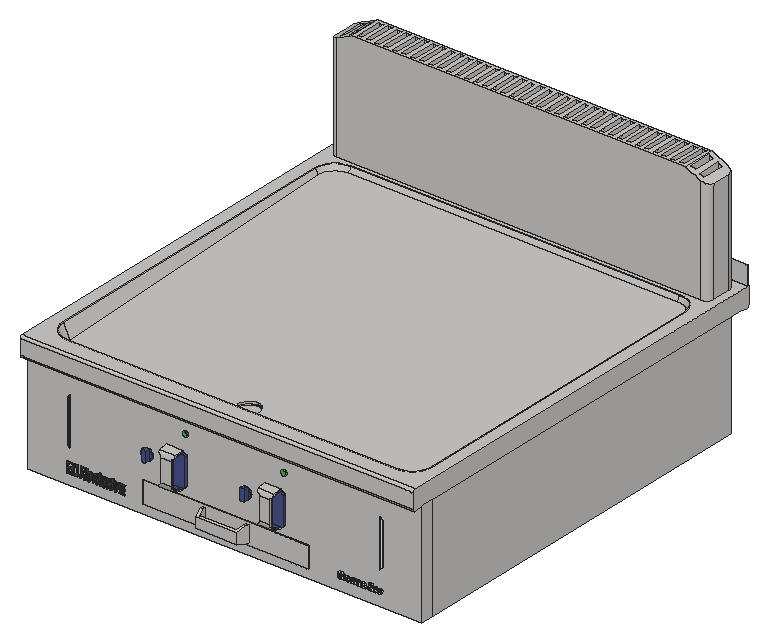
Revit family "QF_ELECTROLUXPROFESSIONAL_588533_MBHMBBHOPO", category Attrezzature speciali, Revit 2020 (continued)
Definition of nested family "Front_Panel_W800_Two Knobs_2Spie_Manop"
  Definition of nested family "ELX_ThermaLine_Small"
    Parameters
      Show Logo [instance] = yes
      Material_Logo [instance] = none
      Default Elevation = 0 mm
    Reference planes
      plane 1 "Centro (Fronte/Retro)": y = 0
      plane 2: z = 0
      plane 3 "Centro (Sinistra/Destra)": x = 0
    Forms (mm)
      Extrusion 1, solid
        sketch origin (0, 0, 0) x (1, 0, 0) y (0, 1, 0)
          loop
            line (-1219.2, 1219.2) -> (-1219.2, -1219.2) -> (1219.2, -1219.2) -> (1219.2, 1219.2) -> (-1219.2, 1219.2)
        from 0 to -304.8
      Extrusion 2, solid
        sketch origin (0, 0, 0) x (1, 0, 0) y (0, 1, 0)
          loop
            line (-37.494, 1.229) -> (-35.908, 1.229) -> (-35.908, 3.066) -> (-37.494, 3.066) -> (-37.494, 6.221) -> (-39.867, 4.881) -> (-39.867, 3.066) -> (-40.969, 3.066) -> (-40.969, 1.229) -> (-39.867, 1.229) -> (-39.867, -3.407)
            arc (-39.867, -3.407) -> (-38.982, -5.513) -> (-36.751, -6.001) r 2.478
            line (-36.751, -6.001) -> (-35.638, -5.7) -> (-35.9, -3.835) -> (-36.661, -4.039)
            arc (-36.661, -4.039) -> (-37.236, -3.924) -> (-37.494, -3.399) r 0.662
            line (-37.494, -3.399) -> (-37.494, 1.229)
          loop
            line (-34.242, 6.539) -> (-34.242, -5.848) -> (-31.854, -5.848) -> (-31.854, -0.078)
            arc (-31.854, -0.078) -> (-30.939, 1.249) -> (-29.33, 1.367) r 1.866
            arc (-29.33, 1.367) -> (-28.695, 0.768) -> (-28.461, -0.073) r 1.627
            line (-28.461, -0.073) -> (-28.461, -5.848) -> (-26.086, -5.848) -> (-26.064, -0.46)
            arc (-26.064, -0.46) -> (-26.261, 0.932) -> (-26.786, 2.237) r 5.825
            arc (-26.786, 2.237) -> (-29.381, 3.264) -> (-31.854, 1.971) r 3.353
            line (-31.854, 1.971) -> (-31.854, 6.539) -> (-34.242, 6.539)
          loop
            arc (-18.398, -0.598) -> (-18.893, 0.879) -> (-20.326, 1.487) r 1.897
            arc (-20.326, 1.487) -> (-21.461, 0.708) -> (-21.897, -0.598) r 2.164
            line (-21.897, -0.598) -> (-18.398, -0.598)
          loop
            arc (-16.021, -2.044) -> (-16.754, 1.227) -> (-19.444, 3.226) r 4.814
            arc (-19.444, 3.226) -> (-22.137, 2.788) -> (-23.943, 0.743) r 4.054
            arc (-23.943, 0.743) -> (-24.382, -1.249) -> (-24.162, -3.276) r 6.289
            arc (-24.162, -3.276) -> (-23.302, -4.71) -> (-21.958, -5.705) r 4.28
            arc (-21.958, -5.705) -> (-18.558, -5.814) -> (-16.152, -3.409) r 4.28
            line (-16.152, -3.409) -> (-18.5, -2.995)
            arc (-18.5, -2.995) -> (-19.273, -3.994) -> (-20.533, -4.076) r 1.536
            arc (-20.533, -4.076) -> (-21.56, -3.281) -> (-21.958, -2.044) r 2.197
            line (-21.958, -2.044) -> (-16.021, -2.044)
          loop
            line (-14.165, -5.848) -> (-11.819, -5.848) -> (-11.819, -2.138)
            arc (-11.819, -2.138) -> (-11.787, -1.156) -> (-11.637, -0.185) r 8.18
            arc (-11.637, -0.185) -> (-10.644, 0.972) -> (-9.132, 0.776) r 1.603
            line (-9.132, 0.776) -> (-8.419, 2.846)
            arc (-8.419, 2.846) -> (-10.432, 3.118) -> (-11.994, 1.821) r 2.527
            line (-11.994, 1.821) -> (-11.994, 3.094) -> (-14.165, 3.094) -> (-14.165, -5.848)
          loop
            line (-7.579, 3.094) -> (-7.579, -5.848) -> (-5.178, -5.848) -> (-5.178, -0.756)
            arc (-5.178, -0.756) -> (-4.727, 0.679) -> (-3.417, 1.419) r 2.05
            arc (-3.417, 1.419) -> (-2.499, 0.908) -> (-2.155, -0.085) r 1.471
            line (-2.155, -0.085) -> (-2.155, -5.848) -> (0.23, -5.848) -> (0.23, -1.001)
            arc (0.23, -1.001) -> (0.47, 0.127) -> (1.148, 1.061) r 2.775
            arc (1.148, 1.061) -> (2.225, 1.329) -> (3.05, 0.587) r 1.182
            arc (3.05, 0.587) -> (3.199, -0.019) -> (3.214, -0.642) r 2.894
            line (3.214, -0.642) -> (3.214, -5.848) -> (5.601, -5.848) -> (5.601, 0.261)
            arc (5.601, 0.261) -> (4.87, 2.263) -> (2.976, 3.241) r 2.932
            arc (2.976, 3.241) -> (1.284, 2.973) -> (-0.047, 1.896) r 3.309
            arc (-0.047, 1.896) -> (-1.116, 2.865) -> (-2.506, 3.258) r 3.16
            arc (-2.506, 3.258) -> (-4.105, 2.942) -> (-5.376, 1.92) r 3.419
            line (-5.376, 1.92) -> (-5.376, 3.094) -> (-7.579, 3.094)
          loop
            line (7.583, 0.738) -> (9.702, 0.364)
            arc (9.702, 0.364) -> (11.441, 1.492) -> (12.855, -0.023) r 1.613
            line (12.855, -0.023) -> (9.782, -0.789)
            arc (9.782, -0.789) -> (8.559, -1.346) -> (7.617, -2.305) r 3.687
            arc (7.617, -2.305) -> (7.499, -3.681) -> (7.901, -5.003) r 3.651
            arc (7.901, -5.003) -> (9.107, -5.766) -> (10.515, -6.006) r 3.635
            arc (10.515, -6.006) -> (11.898, -5.697) -> (13.067, -4.895) r 3.734
            line (13.067, -4.895) -> (13.376, -5.848) -> (15.75, -5.848) -> (15.212, -4.193) -> (15.212, 0.38)
            arc (15.212, 0.38) -> (14.897, 1.849) -> (13.818, 2.895) r 2.585
            arc (13.818, 2.895) -> (11.792, 3.442) -> (9.719, 3.11) r 5.005
            arc (9.719, 3.11) -> (8.369, 2.178) -> (7.583, 0.738) r 3.54
          loop
            line (19.723, -5.848) -> (22.233, -5.848) -> (24.854, 6.484) -> (22.345, 6.484) -> (19.723, -5.848)
          loop
            line (24.583, -5.848) -> (26.953, -5.848) -> (28.848, 3.066) -> (26.478, 3.066) -> (24.583, -5.848)
          loop
            line (27.204, 6.484) -> (26.741, 4.305) -> (29.111, 4.305) -> (29.575, 6.484) -> (27.204, 6.484)
          loop
            line (29.355, -5.848) -> (31.849, -5.848) -> (33.098, 0.028)
            arc (33.098, 0.028) -> (34.169, 1.306) -> (35.832, 1.422) r 2.132
            arc (35.832, 1.422) -> (36.324, 0.752) -> (36.383, -0.078) r 1.5
            line (36.383, -0.078) -> (35.157, -5.848) -> (37.536, -5.848) -> (38.936, 0.738)
            arc (38.936, 0.738) -> (38.775, 2.091) -> (37.825, 3.066) r 2.118
            arc (37.825, 3.066) -> (35.392, 3.175) -> (33.295, 1.937) r 4.271
            line (33.295, 1.937) -> (33.535, 3.066) -> (31.25, 3.066) -> (29.355, -5.848)
          loop
            line (42.792, -0.64) -> (46.589, -0.64)
            arc (46.589, -0.64) -> (46.639, 0.124) -> (46.327, 0.823) r 1.589
            arc (46.327, 0.823) -> (45.117, 1.521) -> (43.762, 1.183) r 1.865
            arc (43.762, 1.183) -> (43.141, 0.344) -> (42.792, -0.64) r 3.538
          loop
            line (42.565, -2.138) -> (48.593, -2.138)
            arc (48.593, -2.138) -> (48.58, 0.597) -> (46.983, 2.818) r 4.494
            arc (46.983, 2.818) -> (44.191, 3.28) -> (41.725, 1.891) r 4.26
            arc (41.725, 1.891) -> (40.503, -0.3) -> (40.284, -2.799) r 6.003
            arc (40.284, -2.799) -> (40.959, -4.468) -> (42.377, -5.576) r 3.482
            arc (42.377, -5.576) -> (44.265, -5.961) -> (46.152, -5.576) r 4.823
            arc (46.152, -5.576) -> (47.432, -4.731) -> (48.328, -3.485) r 4.245
            line (48.328, -3.485) -> (46.168, -3.105)
            arc (46.168, -3.105) -> (45.214, -4.072) -> (43.859, -4.181) r 1.953
            arc (43.859, -4.181) -> (42.821, -3.408) -> (42.565, -2.138) r 1.81
          loop
            line (12.868, -1.553) -> (10.216, -2.214)
            arc (10.216, -2.214) -> (9.747, -3.136) -> (10.216, -4.058) r 1.14
            arc (10.216, -4.058) -> (11.537, -4.249) -> (12.614, -3.46) r 1.763
            arc (12.614, -3.46) -> (12.858, -2.522) -> (12.868, -1.553) r 3.97
        from 0 to 1.6
    Dimensions and locks
      aligned and locked: plane 2 to Extrusion 1
      aligned and locked: level to Extrusion 1
  Definition of nested family "ELX_Professional_Logo_Small"
    Parameters
      Show Logo [instance] = yes
      Material_Logo [instance] = none
      Default Elevation = 0 mm
    Reference planes
      plane 1 "Centro (Fronte/Retro)": y = 0
      plane 2: z = 0
      plane 3 "Centro (Sinistra/Destra)": x = 0
    Forms (mm)
      Extrusion 1, solid
        sketch origin (0, 0, 0) x (1, 0, 0) y (0, 1, 0)
          loop
            line (-1219.2, 1219.2) -> (-1219.2, -1219.2) -> (1219.2, -1219.2) -> (1219.2, 1219.2) -> (-1219.2, 1219.2)
        from 0 to -304.8
      Extrusion 2, solid, material <- "Material_Logo"
        sketch origin (15.5, 0, 0) x (1, 0, 0) y (0, 1, 0)
          loop
            spline (-42.99, -1.24) -> (-43.195, -1.231) -> (-43.415, -1.203) -> (-43.642, -1.152) -> (-43.87, -1.074) -> (-44.095, -0.966) -> (-44.309, -0.825) -> (-44.506, -0.647) -> (-44.681, -0.429) -> (-44.828, -0.167) -> (-44.94, 0.142) -> (-45.011, 0.501) -> (-45.037, 0.915)
            line (-45.037, 0.915) -> (-45.037, 2.748) -> (-38.984, 2.748) -> (-38.984, 5.086) -> (-45.038, 5.086) -> (-45.038, 8.489) -> (-38.599, 8.489) -> (-38.599, 10.82) -> (-47.515, 10.82) -> (-47.515, 1.021)
            spline (-47.515, 1.021) -> (-47.493, 0.418) -> (-47.425, -0.15) -> (-47.311, -0.682) -> (-47.15, -1.175) -> (-46.939, -1.628) -> (-46.678, -2.038) -> (-46.365, -2.404) -> (-46, -2.723) -> (-45.58, -2.995) -> (-45.105, -3.216) -> (-44.573, -3.385) -> (-43.983, -3.499)
            line (-43.983, -3.499) -> (-43.01, -3.569) -> (-38.426, -3.569) -> (-38.426, -1.24) -> (-42.99, -1.24)
          loop
            line (-36.666, 4.021) -> (-36.666, -3.573) -> (-34.188, -3.573) -> (-34.188, 10.824) -> (-36.666, 10.824) -> (-36.666, 4.021)
          loop
            spline (-21.915, 1.897) -> (-21.957, 2.615) -> (-22.082, 3.303) -> (-22.285, 3.955) -> (-22.563, 4.564) -> (-22.913, 5.124) -> (-23.331, 5.629) -> (-23.814, 6.074) -> (-24.359, 6.451) -> (-24.961, 6.755) -> (-25.618, 6.98) -> (-26.326, 7.119) -> (-27.081, 7.167)
            spline (-27.081, 7.167) -> (-27.853, 7.122) -> (-28.586, 6.99) -> (-29.275, 6.774) -> (-29.915, 6.478) -> (-30.5, 6.104) -> (-31.024, 5.657) -> (-31.483, 5.138) -> (-31.871, 4.553) -> (-32.182, 3.904) -> (-32.411, 3.194) -> (-32.552, 2.427) -> (-32.6, 1.606)
            spline (-32.6, 1.606) -> (-32.553, 0.805) -> (-32.416, 0.057) -> (-32.193, -0.637) -> (-31.887, -1.271) -> (-31.504, -1.843) -> (-31.048, -2.35) -> (-30.523, -2.788) -> (-29.934, -3.154) -> (-29.284, -3.444) -> (-28.579, -3.656) -> (-27.822, -3.785) -> (-27.019, -3.829)
            spline (-27.019, -3.829) -> (-26.627, -3.82) -> (-26.239, -3.79) -> (-25.856, -3.739) -> (-25.477, -3.663) -> (-25.103, -3.562) -> (-24.734, -3.432) -> (-24.369, -3.273) -> (-24.01, -3.082) -> (-23.655, -2.858) -> (-23.305, -2.597) -> (-22.96, -2.299) -> (-22.621, -1.962)
            line (-22.621, -1.962) -> (-24.114, -0.509)
            spline (-24.114, -0.509) -> (-24.311, -0.699) -> (-24.509, -0.872) -> (-24.71, -1.03) -> (-24.915, -1.172) -> (-25.126, -1.297) -> (-25.346, -1.407) -> (-25.576, -1.5) -> (-25.817, -1.576) -> (-26.072, -1.636) -> (-26.342, -1.678) -> (-26.629, -1.704) -> (-26.936, -1.713)
            spline (-26.936, -1.713) -> (-27.384, -1.691) -> (-27.805, -1.625) -> (-28.196, -1.518) -> (-28.556, -1.372) -> (-28.882, -1.187) -> (-29.174, -0.966) -> (-29.429, -0.71) -> (-29.645, -0.422) -> (-29.821, -0.102) -> (-29.955, 0.247) -> (-30.045, 0.623) -> (-30.089, 1.026)
            line (-30.089, 1.026) -> (-21.956, 1.026) -> (-21.915, 1.897)
          loop
            spline (-24.446, 2.769) -> (-24.47, 3.075) -> (-24.54, 3.37) -> (-24.654, 3.65) -> (-24.807, 3.913) -> (-24.996, 4.156) -> (-25.219, 4.376) -> (-25.472, 4.57) -> (-25.753, 4.736) -> (-26.057, 4.869) -> (-26.382, 4.968) -> (-26.724, 5.03) -> (-27.081, 5.051)
            spline (-27.081, 5.051) -> (-27.464, 5.03) -> (-27.832, 4.97) -> (-28.183, 4.872) -> (-28.513, 4.74) -> (-28.819, 4.577) -> (-29.099, 4.384) -> (-29.347, 4.165) -> (-29.563, 3.923) -> (-29.742, 3.659) -> (-29.881, 3.377) -> (-29.977, 3.079) -> (-30.027, 2.769)
            line (-30.027, 2.769) -> (-24.446, 2.769)
          loop
            spline (-18.167, 1.669) -> (-18.138, 2.13) -> (-18.055, 2.567) -> (-17.921, 2.978) -> (-17.739, 3.358) -> (-17.512, 3.705) -> (-17.243, 4.016) -> (-16.937, 4.287) -> (-16.596, 4.517) -> (-16.223, 4.7) -> (-15.823, 4.835) -> (-15.398, 4.919) -> (-14.951, 4.947)
            spline (-14.951, 4.947) -> (-14.677, 4.938) -> (-14.414, 4.913) -> (-14.162, 4.871) -> (-13.921, 4.812) -> (-13.69, 4.738) -> (-13.467, 4.649) -> (-13.254, 4.544) -> (-13.048, 4.424) -> (-12.85, 4.291) -> (-12.659, 4.143) -> (-12.474, 3.981) -> (-12.295, 3.806)
            line (-12.295, 3.806) -> (-10.76, 5.403)
            spline (-10.76, 5.403) -> (-11.065, 5.709) -> (-11.38, 5.984) -> (-11.703, 6.228) -> (-12.035, 6.443) -> (-12.375, 6.63) -> (-12.723, 6.788) -> (-13.078, 6.92) -> (-13.44, 7.026) -> (-13.809, 7.107) -> (-14.184, 7.164) -> (-14.564, 7.198) -> (-14.951, 7.209)
            spline (-14.951, 7.209) -> (-15.725, 7.161) -> (-16.467, 7.02) -> (-17.169, 6.792) -> (-17.826, 6.482) -> (-18.43, 6.096) -> (-18.976, 5.637) -> (-19.455, 5.112) -> (-19.862, 4.525) -> (-20.19, 3.882) -> (-20.433, 3.189) -> (-20.584, 2.449) -> (-20.635, 1.669)
            spline (-20.635, 1.669) -> (-20.584, 0.889) -> (-20.433, 0.149) -> (-20.19, -0.545) -> (-19.862, -1.187) -> (-19.455, -1.774) -> (-18.976, -2.299) -> (-18.43, -2.758) -> (-17.826, -3.145) -> (-17.169, -3.454) -> (-16.467, -3.682) -> (-15.725, -3.823) -> (-14.951, -3.871)
            spline (-14.951, -3.871) -> (-14.564, -3.86) -> (-14.184, -3.826) -> (-13.809, -3.77) -> (-13.44, -3.689) -> (-13.078, -3.583) -> (-12.723, -3.451) -> (-12.375, -3.292) -> (-12.035, -3.105) -> (-11.703, -2.89) -> (-11.38, -2.646) -> (-11.065, -2.371) -> (-10.76, -2.066)
            line (-10.76, -2.066) -> (-12.295, -0.468)
            spline (-12.295, -0.468) -> (-12.474, -0.643) -> (-12.659, -0.805) -> (-12.85, -0.953) -> (-13.048, -1.087) -> (-13.254, -1.206) -> (-13.467, -1.311) -> (-13.69, -1.4) -> (-13.921, -1.475) -> (-14.162, -1.533) -> (-14.414, -1.575) -> (-14.677, -1.6) -> (-14.951, -1.609)
            spline (-14.951, -1.609) -> (-15.398, -1.581) -> (-15.823, -1.497) -> (-16.223, -1.362) -> (-16.596, -1.179) -> (-16.937, -0.95) -> (-17.243, -0.678) -> (-17.512, -0.367) -> (-17.739, -0.02) -> (-17.921, 0.36) -> (-18.055, 0.771) -> (-18.138, 1.208) -> (-18.167, 1.669)
          loop
            spline (-4.441, -1.243) -> (-4.659, -1.247) -> (-4.894, -1.23) -> (-5.137, -1.19) -> (-5.384, -1.121) -> (-5.628, -1.021) -> (-5.864, -0.884) -> (-6.084, -0.708) -> (-6.283, -0.488) -> (-6.454, -0.219) -> (-6.592, 0.101) -> (-6.69, 0.478) -> (-6.742, 0.914)
            line (-6.742, 0.914) -> (-6.742, 4.587) -> (-4.487, 4.587) -> (-4.487, 6.838) -> (-6.738, 6.838) -> (-6.738, 10.824) -> (-9.217, 10.824) -> (-9.217, 0.773)
            spline (-9.217, 0.773) -> (-9.164, 0.19) -> (-9.068, -0.358) -> (-8.928, -0.87) -> (-8.742, -1.343) -> (-8.511, -1.777) -> (-8.232, -2.168) -> (-7.904, -2.515) -> (-7.527, -2.816) -> (-7.098, -3.069) -> (-6.618, -3.273) -> (-6.084, -3.426) -> (-5.496, -3.525)
            line (-5.496, -3.525) -> (-4.45, -3.573) -> (-4.441, -1.243)
          loop
            spline (3.898, 6.983) -> (3.469, 7.009) -> (3.056, 7.001) -> (2.661, 6.961) -> (2.283, 6.888) -> (1.925, 6.785) -> (1.588, 6.652) -> (1.272, 6.49) -> (0.979, 6.301) -> (0.71, 6.085) -> (0.465, 5.844) -> (0.247, 5.578) -> (0.056, 5.289)
            line (0.056, 5.289) -> (0.056, 6.838) -> (-2.402, 6.838) -> (-2.402, -3.572) -> (0.056, -3.572) -> (0.056, 1.901)
            spline (0.056, 1.901) -> (0.079, 2.316) -> (0.145, 2.703) -> (0.254, 3.06) -> (0.404, 3.386) -> (0.592, 3.679) -> (0.818, 3.938) -> (1.08, 4.162) -> (1.375, 4.348) -> (1.703, 4.495) -> (2.062, 4.602) -> (2.45, 4.668) -> (2.865, 4.69)
            line (2.865, 4.69) -> (3.898, 4.586) -> (3.898, 6.983)
          loop
            spline (15.638, 1.633) -> (15.586, 2.396) -> (15.435, 3.124) -> (15.192, 3.81) -> (14.863, 4.449) -> (14.455, 5.034) -> (13.975, 5.56) -> (13.43, 6.021) -> (12.826, 6.411) -> (12.17, 6.724) -> (11.469, 6.955) -> (10.729, 7.098) -> (9.958, 7.147)
            spline (9.958, 7.147) -> (9.182, 7.098) -> (8.44, 6.955) -> (7.737, 6.724) -> (7.081, 6.411) -> (6.477, 6.021) -> (5.933, 5.56) -> (5.454, 5.034) -> (5.048, 4.449) -> (4.721, 3.81) -> (4.479, 3.124) -> (4.329, 2.396) -> (4.277, 1.633)
            spline (4.277, 1.633) -> (4.329, 0.869) -> (4.479, 0.141) -> (4.721, -0.544) -> (5.048, -1.183) -> (5.454, -1.768) -> (5.933, -2.294) -> (6.477, -2.755) -> (7.081, -3.145) -> (7.737, -3.459) -> (8.44, -3.69) -> (9.182, -3.833) -> (9.958, -3.882)
            spline (9.958, -3.882) -> (10.729, -3.833) -> (11.469, -3.69) -> (12.17, -3.459) -> (12.826, -3.145) -> (13.43, -2.755) -> (13.975, -2.294) -> (14.455, -1.768) -> (14.863, -1.183) -> (15.192, -0.544) -> (15.435, 0.141) -> (15.586, 0.869) -> (15.638, 1.633)
          loop
            spline (13.18, 1.633) -> (13.151, 2.083) -> (13.067, 2.513) -> (12.932, 2.918) -> (12.748, 3.296) -> (12.52, 3.642) -> (12.251, 3.954) -> (11.943, 4.227) -> (11.601, 4.459) -> (11.228, 4.645) -> (10.828, 4.782) -> (10.403, 4.867) -> (9.958, 4.896)
            spline (9.958, 4.896) -> (9.509, 4.867) -> (9.081, 4.782) -> (8.679, 4.645) -> (8.306, 4.459) -> (7.964, 4.227) -> (7.658, 3.954) -> (7.39, 3.642) -> (7.163, 3.296) -> (6.981, 2.918) -> (6.847, 2.513) -> (6.765, 2.083) -> (6.736, 1.633)
            spline (6.736, 1.633) -> (6.765, 1.182) -> (6.847, 0.753) -> (6.981, 0.347) -> (7.163, -0.031) -> (7.39, -0.377) -> (7.658, -0.689) -> (7.964, -0.962) -> (8.306, -1.193) -> (8.679, -1.38) -> (9.081, -1.517) -> (9.509, -1.602) -> (9.958, -1.631)
            spline (9.958, -1.631) -> (10.403, -1.602) -> (10.828, -1.517) -> (11.228, -1.38) -> (11.601, -1.193) -> (11.943, -0.962) -> (12.251, -0.689) -> (12.52, -0.377) -> (12.748, -0.031) -> (12.932, 0.347) -> (13.067, 0.753) -> (13.151, 1.182) -> (13.18, 1.633)
          loop
            line (17.162, 4.269) -> (17.162, -3.573) -> (19.642, -3.573) -> (19.642, 10.824) -> (17.162, 10.824) -> (17.162, 4.269)
          loop
            line (28.581, 6.838) -> (28.581, 0.786)
            spline (28.581, 0.786) -> (28.561, 0.393) -> (28.503, 0.038) -> (28.409, -0.279) -> (28.281, -0.559) -> (28.122, -0.802) -> (27.933, -1.011) -> (27.717, -1.185) -> (27.476, -1.325) -> (27.213, -1.433) -> (26.929, -1.509) -> (26.626, -1.554) -> (26.308, -1.569)
            spline (26.308, -1.569) -> (25.99, -1.554) -> (25.688, -1.509) -> (25.404, -1.434) -> (25.141, -1.326) -> (24.9, -1.187) -> (24.684, -1.014) -> (24.496, -0.807) -> (24.336, -0.565) -> (24.209, -0.288) -> (24.115, 0.026) -> (24.057, 0.376) -> (24.037, 0.765)
            line (24.037, 0.765) -> (24.037, 6.838) -> (21.537, 6.838) -> (21.537, 0.558)
            spline (21.537, 0.558) -> (21.581, -0.153) -> (21.71, -0.8) -> (21.916, -1.384) -> (22.195, -1.904) -> (22.54, -2.362) -> (22.944, -2.757) -> (23.403, -3.09) -> (23.909, -3.362) -> (24.456, -3.572) -> (25.04, -3.722) -> (25.652, -3.811) -> (26.288, -3.841)
            spline (26.288, -3.841) -> (26.929, -3.811) -> (27.547, -3.72) -> (28.135, -3.568) -> (28.687, -3.355) -> (29.197, -3.079) -> (29.66, -2.741) -> (30.068, -2.341) -> (30.415, -1.877) -> (30.696, -1.349) -> (30.905, -0.757) -> (31.034, -0.101) -> (31.079, 0.621)
            line (31.079, 0.621) -> (31.079, 6.838) -> (28.581, 6.838)
          loop
            line (40.457, -0.243) -> (38.894, 1.942) -> (40.83, 4.579) -> (42.488, 6.837) -> (39.782, 6.837) -> (37.53, 3.719) -> (35.258, 6.837) -> (32.573, 6.837) -> (34.113, 4.731) -> (36.167, 1.922) -> (34.014, -1.076) -> (32.222, -3.573) -> (34.887, -3.573) -> (37.53, 0.104) -> (40.174, -3.573) -> (42.839, -3.573) -> (40.457, -0.243)
          loop
            line (-46.121, -5.837) -> (-48.039, -5.837) -> (-48.039, -10.814) -> (-47.016, -10.814) -> (-47.016, -9.128) -> (-46.121, -9.128)
            arc (-46.121, -9.128) -> (-44.476, -7.482) -> (-46.121, -5.837) r 1.645
          loop
            line (-46.163, -6.778) -> (-47.016, -6.778) -> (-47.016, -8.187) -> (-46.163, -8.187)
            arc (-46.163, -8.187) -> (-45.458, -7.482) -> (-46.163, -6.778) r 0.704
          loop
            line (-38.313, -5.837) -> (-40.265, -5.837) -> (-40.265, -10.814) -> (-39.241, -10.814) -> (-39.241, -9.1) -> (-38.46, -9.182) -> (-37.48, -10.814) -> (-36.318, -10.814) -> (-37.513, -8.848)
            arc (-37.513, -8.848) -> (-36.888, -8.266) -> (-36.671, -7.441) r 1.536
            arc (-36.671, -7.441) -> (-37.165, -6.305) -> (-38.313, -5.837) r 1.643
          loop
            arc (-38.402, -8.166) -> (-37.707, -7.505) -> (-38.334, -6.778) r 0.696
            line (-38.334, -6.778) -> (-39.241, -6.778) -> (-39.241, -8.166) -> (-38.402, -8.166)
          loop
            circle (-29.965, -8.325) r 2.585
          loop
            circle (-29.965, -8.325) r 1.64
          loop
            line (-23.1, -5.837) -> (-23.1, -10.814) -> (-22.076, -10.814) -> (-22.076, -8.768) -> (-20.204, -8.768) -> (-20.204, -7.828) -> (-22.076, -7.828) -> (-22.076, -6.778) -> (-20.024, -6.778) -> (-20.024, -5.837) -> (-23.1, -5.837)
          loop
            line (-15.802, -5.837) -> (-15.802, -9.2)
            arc (-15.802, -9.2) -> (-15.343, -10.34) -> (-14.209, -10.814) r 1.593
            line (-14.209, -10.814) -> (-12.602, -10.814) -> (-12.602, -10.027) -> (-14.004, -10.027)
            arc (-14.004, -10.027) -> (-14.552, -9.8) -> (-14.779, -9.252) r 0.775
            line (-14.779, -9.252) -> (-14.779, -8.424) -> (-12.789, -8.424) -> (-12.789, -7.642) -> (-14.779, -7.642) -> (-14.779, -6.778) -> (-12.651, -6.778) -> (-12.651, -5.837) -> (-15.802, -5.837)
          loop
            line (-5.909, -7.143) -> (-5.173, -6.638)
            arc (-5.173, -6.638) -> (-5.855, -5.974) -> (-6.781, -5.755) r 1.782
            arc (-6.781, -5.755) -> (-7.397, -5.878) -> (-7.944, -6.189) r 1.974
            arc (-7.944, -6.189) -> (-8.202, -6.5) -> (-8.317, -6.888) r 1.013
            arc (-8.317, -6.888) -> (-8.306, -7.341) -> (-8.192, -7.78) r 1.985
            arc (-8.192, -7.78) -> (-7.749, -8.259) -> (-7.171, -8.563) r 1.928
            arc (-7.171, -8.563) -> (-6.637, -8.779) -> (-6.131, -9.056) r 5.041
            arc (-6.131, -9.056) -> (-5.934, -9.387) -> (-6.09, -9.74) r 0.42
            arc (-6.09, -9.74) -> (-6.631, -9.96) -> (-7.204, -9.845) r 1.016
            arc (-7.204, -9.845) -> (-7.625, -9.603) -> (-7.889, -9.196) r 1.033
            line (-7.889, -9.196) -> (-8.67, -9.686)
            arc (-8.67, -9.686) -> (-8.361, -10.198) -> (-7.908, -10.589) r 1.914
            arc (-7.908, -10.589) -> (-7.334, -10.834) -> (-6.714, -10.896) r 2.063
            arc (-6.714, -10.896) -> (-5.947, -10.743) -> (-5.256, -10.376) r 2.696
            arc (-5.256, -10.376) -> (-4.95, -9.565) -> (-5.108, -8.712) r 1.618
            arc (-5.108, -8.712) -> (-5.448, -8.319) -> (-5.884, -8.035) r 1.876
            arc (-5.884, -8.035) -> (-6.434, -7.789) -> (-6.999, -7.577) r 9.883
            arc (-6.999, -7.577) -> (-7.325, -7.07) -> (-6.854, -6.694) r 0.45
            arc (-6.854, -6.694) -> (-6.329, -6.809) -> (-5.909, -7.143) r 1.197
          loop
            line (1.61, -7.143) -> (2.345, -6.638)
            arc (2.345, -6.638) -> (1.663, -5.974) -> (0.737, -5.755) r 1.782
            arc (0.737, -5.755) -> (0.121, -5.878) -> (-0.425, -6.189) r 1.974
            arc (-0.425, -6.189) -> (-0.683, -6.5) -> (-0.799, -6.888) r 1.013
            arc (-0.799, -6.888) -> (-0.788, -7.341) -> (-0.674, -7.78) r 1.985
            arc (-0.674, -7.78) -> (-0.231, -8.259) -> (0.347, -8.563) r 1.928
            arc (0.347, -8.563) -> (0.881, -8.779) -> (1.387, -9.056) r 5.041
            arc (1.387, -9.056) -> (1.584, -9.387) -> (1.428, -9.74) r 0.42
            arc (1.428, -9.74) -> (0.887, -9.96) -> (0.314, -9.845) r 1.016
            arc (0.314, -9.845) -> (-0.107, -9.603) -> (-0.371, -9.196) r 1.033
            line (-0.371, -9.196) -> (-1.152, -9.686)
            arc (-1.152, -9.686) -> (-0.842, -10.198) -> (-0.39, -10.589) r 1.914
            arc (-0.39, -10.589) -> (0.184, -10.834) -> (0.804, -10.896) r 2.063
            arc (0.804, -10.896) -> (1.572, -10.743) -> (2.263, -10.376) r 2.696
            arc (2.263, -10.376) -> (2.568, -9.565) -> (2.411, -8.712) r 1.618
            arc (2.411, -8.712) -> (2.07, -8.319) -> (1.635, -8.035) r 1.876
            arc (1.635, -8.035) -> (1.084, -7.789) -> (0.519, -7.577) r 9.883
            arc (0.519, -7.577) -> (0.193, -7.07) -> (0.665, -6.694) r 0.45
            arc (0.665, -6.694) -> (1.189, -6.809) -> (1.61, -7.143) r 1.197
          loop
            line (6.801, -5.837) -> (6.801, -10.814) -> (7.825, -10.814) -> (7.825, -5.837) -> (6.801, -5.837)
          loop
            circle (14.724, -8.325) r 1.548
          loop
            circle (14.724, -8.325) r 2.585
          loop
            line (21.59, -10.814) -> (22.623, -10.814) -> (22.623, -7.685) -> (24.9, -10.814) -> (25.895, -10.814) -> (25.895, -5.837) -> (24.861, -5.837) -> (24.861, -9.061) -> (22.585, -5.837) -> (21.59, -5.837) -> (21.59, -10.814)
          loop
            line (31.054, -10.814) -> (31.539, -9.74) -> (33.38, -9.74) -> (33.865, -10.814) -> (34.965, -10.814) -> (32.46, -5.837) -> (29.956, -10.814) -> (31.054, -10.814)
          loop
            line (32.46, -7.698) -> (31.999, -8.719) -> (32.921, -8.719) -> (32.46, -7.698)
          loop
            line (40.047, -9.873) -> (40.047, -5.837) -> (39.024, -5.837) -> (39.024, -10.814) -> (41.961, -10.814) -> (41.961, -9.873) -> (40.047, -9.873)
          loop
            line (-74.986, -10.814) -> (-53.322, -10.814) -> (-53.322, 10.82) -> (-74.986, 10.82) -> (-74.986, -10.814)
          loop
            line (-61.261, 9.758) -> (-61.261, -9.707)
            arc (-61.261, -9.707) -> (-54.066, 0.025) -> (-61.261, 9.758) r 10.18
          loop
            line (-62.251, 8.349) -> (-62.251, 9.758)
            arc (-62.251, 9.758) -> (-70.347, 7.918) -> (-74.247, 0.59) r 9.976
            line (-74.247, 0.59) -> (-71.026, 0.59)
            arc (-71.026, 0.59) -> (-65.274, 2.925) -> (-62.251, 8.349) r 9.351
          loop
            arc (-74.247, -0.539) -> (-70.353, -7.928) -> (-62.251, -9.957) r 10.237
            line (-62.251, -9.957) -> (-62.251, -8.298)
            arc (-62.251, -8.298) -> (-65.274, -2.874) -> (-71.026, -0.539) r 9.351
            line (-71.026, -0.539) -> (-74.247, -0.539)
        from 0 to 1.644
    Dimensions and locks
      aligned and locked: plane 2 to Extrusion 1
      aligned and locked: level to Extrusion 1
